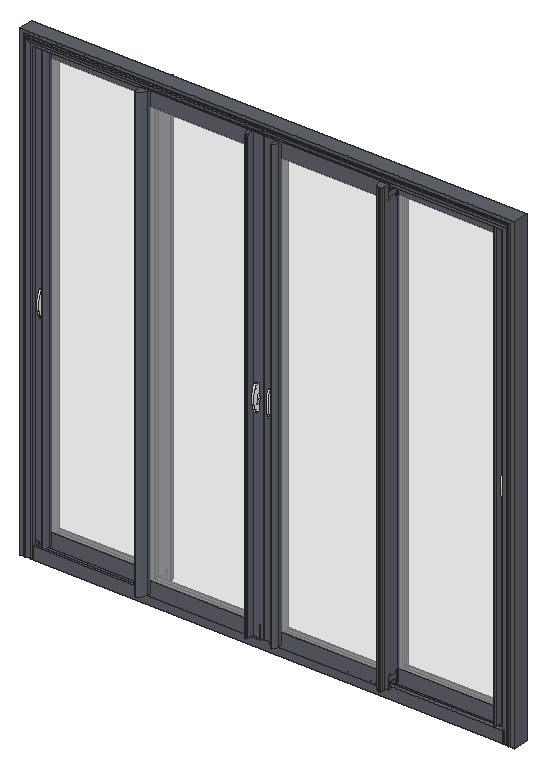
Revit family "Wicslide_65_Glass32_4_leaf_2_track_4_leaf_slide_or_2_inner_slide_2_outer_fixed", category Doors, host Wall, Revit 2014
Parameters
  Youtube clip = ""
  Weight Net (Kg) = 0
  Watertightness = "E900"
  Uniclass2 = "Ss-25-30-95-28"
  Uniclass 2015 Name = ""
  Uniclass 2015 Code = ""
  Uniclass 2.0 Description = ""
  Uniclass 2.0 Code = ""
  Uniclass 1.4 Description = ""
  Uniclass 1.4 Code = ""
  URL = "http://www.wicona.com"
  UNSPSC Code = ""
  Technical description = ""
  Sash meeting 3041252 = yes
  Sash meeting 3041251 = no
  Sash meeting 3041250 = not(or(Sash meeting 3041251, Sash meeting 3041252))  # no
  Sash 1041273 = yes
  Thermal (2-leaf frame) = "Uw < 1.5 W/m².K (with Ug = 1.0)"
  Sash 1041272 = no
  Sash 1041271 = no
  Sash 1041270 = not(or(Sash 1041271, Sash 1041272, Sash 1041273))  # no
  Repeated Opening/Closing = "Class 3 (20,000 Cycles)"
  Region South America = "None"
  Region Oceania = "None"
  Region North America = "None"
  Region Middle East = "None"
  Region Europe = "AD, AL, AT, AX, BA, BE, BG, BY, CH, CS, CY, CZ, DE, DK, EE, ES, FI, FO, FR, GB, GG, GI, GR, HR, HU, IE, IM, IS, IT, JE, LI, LT, LU, LV, MC, MD, ME, MK, MT, NL, NO, PL, PT, RO, RS, RU, SE, SI, SJ, SK, SM, UA, VA, XK"
  Region Asia = "None"
  Region Antarctica = "None"
  Region Africa = "None"
  Quality Assurance = "Certified according to ISO 9001:2008"
  QR code = "http://bimobject.com/wicona/product/WICSLIDE_65_W"
  Product group = ""
  Product family = ""
  Product data url = "http://bimobject.com/wicona/product/WICSLIDE_65_W"
  Product certification = ""
  Product SKU = "WICSLIDE_65_W"
  Product Guid = "74bd8be9-202c-4542-9c4e-775a99e34c85"
  Operation = "IFC_DOORSLIDING"
  Operating Forces = "Class 1"
  OmniClass Description = ""
  OmniClass Code = ""
  Nominal width = 220000
  Nominal height = 210000
  NBS Reference Description = ""
  NBS Reference Code = ""
  Model = "Wicslide 65"
  Mechanical Strength = "Class 4"
  Maximum Sash Weight = "160kg as standard design, heavier weights can easily be customised"
  Material secondary = ""
  Material main = ""
  Manufacturer name = "Wicona"
  Manufacturer country = "Germany"
  Manufacturer = "Wicona"
  Load Bearing Capacity of Safety Devices = "Fulfilled"
  Leaf Width = 56 mm + Glass Width + 17 mm  # 520.25 mm
  Leaf Material = WICONA - Aluminium - RAL7016 - Anthracite Grey - Matt
  Leaf Height All = Height - Frame Width 2 - Bottom Offset  # 2006 mm
  Leaf Connect = 6.2 mm  # constant formula
  Leaf 4 Width = 17 mm + Glass Width + 56 mm  # 520.25 mm
  Leaf 3 Width = 17 mm + Glass Width + 56 mm  # 520.25 mm
  Leaf 2 Width = 17 mm + Glass Width + 56 mm  # 520.25 mm
  Keynote = "L10/330"
  Installation instructions = ""
  IFC Classification = ""
  Handle Material = Aluminium
  Glass Width = Frame all / 4  # 447.25 mm
  Glass Material = WICONA -  Glass
  Function = Interior
  Frame all = Width - ((56 mm * 4) + (17 mm * 4) + (Frame Width 2 * 2)) - 24 mm  # 1789 mm
  Frame Width 3 = Frame Width - 34.5 mm  # 32.5 mm
  Frame Width 2 = if(Frame 1041226, 47.5 mm, if(Frame 1041231, 54.5 mm, 54.5 mm))  # 47.5 mm
  Frame Width = 67 mm
  Height = 2100 mm
  Wall Closure = By host
  Width = 2200 mm
  Frame Material = WICONA - Aluminium - RAL7016 - Anthracite Grey - Matt
  Frame Depth = 65 mm
  Frame 1041226 = yes
  Frame 1041231 = not(or(Frame 1041226))  # no
  Edition number = 1
  EN1627 Burglar Resistance = "RC1N, RC2N, RC2, RC3, SBD"
  EAN code = ""
  Door Offset = 60 mm
  Door 1 connect = Leaf 3 Width + Frame Width 2  # 567.75 mm
  Door 2 connect = Leaf 3 Width * 2 + Frame Width 2 + 24 mm  # 1112 mm
  Design country = "Germany"
  Description = "With  its  various  designs  of  outer  and  opening  frames, multiple  leaf  combinations  (from  2  to  6  leaves)  and  its  comprehensive range of dual colour solutions, the Wicslide 65 brings greater freedom to building design. Designed  to  meet  market  demands,  Wicslide  65  sliding doors are perfectly suited for disabled access."
  Date of publishing = "3/14/2015"
  Corrosion Resistance of the Fittings = "Class 5"
  COBIe Type Category = ""
  Bottom Offset = if(Frame Bottom 1041226, 46.5 mm, 39.5 mm)  # 46.5 mm
  Frame Bottom 1041232 = no
  Frame Bottom 1041226 = yes
  Frame Bottom 1041231 = not(or(Frame Bottom 1041232, Frame Bottom 1041226))  # no
  BIMobject category = ""
  Analytic Construction = "<None>"
  Air Permeability = "Class 4"
  Acoustic = "RA,tr = 35 dB"
Reference planes
  plane 1: y = 0
  plane 2 "Center (Left/Right)": x = 0
  plane 3 "Left": x = -1100
  plane 4 "Right": x = 1100
  plane 5: z = 2100
  plane 6 "Exterior": y = 75
  plane 7 "Interior": y = -75
  plane 8 "base line": y = 15
  plane 9: y = -50
  plane 10: x = -1052.5
  plane 11: z = 2052.5
  plane 12: x = 1052.5
  plane 13: x = 12
  plane 14: y = 1081.9
  plane 15: x = -1053.5
  plane 16: x = 1053.5
  plane 17: y = -44
  plane 18: y = 9
  plane 19: z = 2051.035
  plane 20: x = -532.25
  plane 21: x = 484.75
Forms (mm)
  Sweep 1, solid, material "WICONA - Aluminium - RAL7016 - Anthracite Grey - Matt" <- "Frame Material", visible <- "Frame 1041231"
    path origin (0, 15, 0) x (-1, 0, 0) y (0, 0, 1)
      loop
        line (1100, 0) -> (1100, 2100) -> (-1100, 2100) -> (-1100, 0)
    profile "Frame_1041231_profil : Frame_1041231_profil" origin (-1100, 15, 1050) x (1, 0, 0) y (0, 1, 0)
      loop
        line (0, 0.014) -> (0, -64.986) -> (47.501, -64.986) -> (47.501, -52.986) -> (28.03, -52.986) -> (28.03, -11.986) -> (47.501, -11.986) -> (47.501, 0.014) -> (0, 0.014)
  Sweep 2, solid, material "WICONA - Aluminium - RAL7016 - Anthracite Grey - Matt" <- "Frame Material", visible <- "Frame Bottom 1041231"
    path origin (0, 15, 0) x (-1, 0, 0) y (0, 0, 1)
      loop
        line (1053.5, 0) -> (-1053.5, 0)
    profile origin (0, 15, 0) x (0, 0, -1) y (0, 1, 0)
      loop
        line (0, 0) -> (-47.501, 0) -> (-47.501, -11.986) -> (-28.03, -11.986) -> (-28.03, -52.986) -> (-47.501, -52.986) -> (-47.501, -65) -> (0, -65) -> (0, 0)
  Sweep 3, solid, material "WICONA - Aluminium - RAL7016 - Anthracite Grey - Matt" <- "Frame Material", visible <- "Frame Bottom 1041226"
    path origin (0, 15, 0) x (-1, 0, 0) y (0, 0, 1)
      loop
        line (1053.5, 0) -> (-1053.5, 0)
    profile origin (0, 15, 0) x (0, 0, -1) y (0, 1, 0)
      loop
        line (-41.095, 0) -> (-54.504, 0) -> (-54.504, -11.986) -> (-35.067, -11.986) -> (-35.067, -52.986) -> (-54.504, -52.986) -> (-54.504, -65) -> (0, -65) -> (0, 0) -> (-16, 0) -> (-16, -5.069) -> (-17.931, -7) -> (-22.706, -7) -> (-22.706, 2) -> (-28.468, 2) -> (-41.095, 0)
  Sweep 4, solid, material "WICONA - Aluminium - RAL7016 - Anthracite Grey - Matt" <- "Frame Material", visible <- "Frame Bottom 1041232"
    path origin (0, 15, 0) x (-1, 0, 0) y (0, 0, 1)
      loop
        line (1053.5, 0) -> (-1053.5, 0)
    profile origin (0, 15, 0) x (0, 0, -1) y (0, 1, 0)
      loop
        line (0, 0) -> (-47.552, 0) -> (-47.552, -12) -> (-28.081, -12) -> (-28.081, -52.986) -> (-47.552, -52.986) -> (-47.552, -65.034) -> (-18.521, -65.034) -> (-18.521, -78.74)
        arc (-18.521, -78.74) -> (-25.376, -83.227) -> (-33.01, -86.2) r 39.405
        line (-33.01, -86.2) -> (-46.2, -86.2) -> (-46.2, -85) -> (-47.5, -85) -> (-47.5, -88) -> (-32.284, -88)
        arc (-32.284, -88) -> (-23.829, -84.402) -> (-16.3, -79.134) r 44.207
        line (-16.3, -79.134) -> (-16.3, -65) -> (0, -65) -> (0, 0)
  Sweep 5, solid, material "WICONA - Aluminium - RAL7016 - Anthracite Grey - Matt" <- "Frame Material", visible <- "Frame 1041226"
    path origin (0, 15, 0) x (-1, 0, 0) y (0, 0, 1)
      loop
        line (1100, 0) -> (1100, 2100) -> (-1100, 2100) -> (-1100, 0)
    profile origin (-1100, 15, 1050) x (1, 0, 0) y (0, 1, 0)
      loop
        line (54.5, -65) -> (54.5, -53) -> (35.067, -53) -> (35.067, -12) -> (54.5, -12) -> (54.5, 0) -> (0, 0) -> (0, -65) -> (16, -65) -> (16, -59.931) -> (17.931, -58) -> (22.706, -58) -> (22.706, -67) -> (28.468, -67) -> (41.095, -65) -> (54.5, -65)
Lines and regions (mm)
  Opening 1
    outline origin (-3050, -75, 0) x (1, 0, 0) y (0, 0, 1)
      loop
        line (1950, 0) -> (4150, 0) -> (4150, 2100) -> (1950, 2100) -> (1950, 0)
  model lines
    curve 1: line (0, -47.728, -46.926) -> (0, -47.728, -43.389)
  symbolic lines, style "Elevation Swing"
    curve 2: line (153.788, -75, 1193.851) -> (433.788, -75, 1193.851)
    curve 3: line (153.788, -75, 1193.851) -> (213.892, -75, 1253.955)
    curve 4: line (153.788, -75, 1193.851) -> (213.892, -75, 1133.747)
    curve 14: line (-129.788, -75, 1193.851) -> (-409.788, -75, 1193.851)
    curve 15: line (-129.788, -75, 1193.851) -> (-189.892, -75, 1253.955)
    curve 16: line (-129.788, -75, 1193.851) -> (-189.892, -75, 1133.747)
    curve 17: line (-906.212, -75, 1193.851) -> (-626.212, -75, 1193.851)
    curve 18: line (-906.212, -75, 1193.851) -> (-846.108, -75, 1253.955)
    curve 19: line (-906.212, -75, 1193.851) -> (-846.108, -75, 1133.747)
    curve 20: line (930.212, -75, 1193.851) -> (650.212, -75, 1193.851)
    curve 21: line (930.212, -75, 1193.851) -> (870.108, -75, 1253.955)
    curve 22: line (930.212, -75, 1193.851) -> (870.108, -75, 1133.747)
  symbolic lines, style "Plan Swing", detail levels coarse
    curve 5: line (-1052.5, -75, 0) -> (-1100, -75, 0)
    curve 6: line (1052.5, 75, 0) -> (1052.5, -75, 0)
    curve 7: line (-1052.5, 75, 0) -> (-1052.5, -75, 0)
    curve 8: line (-1052.5, 75, 0) -> (-1100, 75, 0)
    curve 9: line (1100, 75, 0) -> (1052.5, 75, 0)
    curve 10: line (1100, -75, 0) -> (1052.5, -75, 0)
  symbolic lines, style "Elevation Swing", not visible
    curve 11: line (153.788, -75, 1243.851) -> (433.788, -75, 1243.851)
    curve 12: line (153.788, -75, 1243.851) -> (213.892, -75, 1303.955)
    curve 13: line (153.788, -75, 1243.851) -> (213.892, -75, 1183.747)
Text (mm)
  text "Exterior" at (-2295.016, 1099.543, 0), in view "Ref. Level"
  text "Exterior" at (0, 1615.38, 3698.081), in view "Left"
  text "Exterior" at (0, 1036.032, 3874.932), in view "Right"
Dimensions and locks
  equal spacing: plane 3 "Left", plane 2 "Center (Left/Right)", plane 4 "Right"
  "Width": plane 3 "Left" to plane 4 "Right"
  "Height": plane 5 to host wall
  host wall to plane 5 = 2100 mm  (x2)
  locked: plane 6 "Exterior" to host wall at 0
  locked: plane 7 "Interior" to host wall
  "Door Offset": host wall to plane 8 "base line"
  "Frame Depth": plane 8 "base line" to plane 9
  "Frame Width 2": plane 3 "Left" to plane 10
  "Frame Width 2": plane 11 to plane 5
  "Frame Width 2": plane 12 to plane 4 "Right"
  "Bottom Offset": plane 3 "Left" to plane 15
  "Bottom Offset": plane 16 to plane 4 "Right"
  locked: plane 8 "base line" to plane 18 at 6
  locked: plane 9 to plane 17 at 6
  locked: plane 11 to plane 19 at 1.465
  "Door 2 connect": plane 3 "Left" to plane 13
  "Door 1 connect": plane 3 "Left" to plane 20
  "Door 1 connect": plane 21 to plane 12
  aligned and locked: plane 3 "Left" to Opening 1 sketch curve
  aligned and locked: plane 5 to Opening 1 sketch curve  (x2)
  aligned and locked: Opening 1 sketch curve to plane 4 "Right"
  aligned and locked: Opening 1 sketch curve to level
  aligned and locked: plane 1 to host wall
  aligned and locked: Sweep 1 sketch curve to plane 3 "Left"
  aligned and locked: plane 5 to Sweep 1 sketch curve
  aligned and locked: plane 4 "Right" to Sweep 1 sketch curve
  aligned and locked: nested 1 to plane 8 "base line"
  aligned and locked: nested 1 to plane 3 "Left"
  aligned and locked: nested 2 to plane 4 "Right"
  aligned and locked: plane 8 "base line" to nested 2
  aligned and locked: plane 9 to nested 3
  aligned and locked: level to nested 3
  aligned and locked: nested 4 to level
  aligned and locked: nested 4 to plane 9
  aligned and locked: level to nested 5
  aligned and locked: plane 9 to nested 5
  aligned and locked: plane 16 to Sweep 3 sketch curve
  aligned and locked: plane 15 to Sweep 3 sketch curve
  aligned and locked: plane 15 to Sweep 4 sketch curve
  aligned and locked: plane 16 to Sweep 4 sketch curve
  aligned and locked: plane 15 to Sweep 2 sketch curve
  aligned and locked: plane 16 to Sweep 2 sketch curve
  aligned and locked: plane 5 to nested 6
  aligned and locked: nested 7 to plane 4 "Right"
  aligned and locked: plane 8 "base line" to nested 7
  aligned and locked: nested 8 to plane 8 "base line"
  aligned and locked: nested 8 to plane 3 "Left"
  aligned and locked: plane 5 to nested 9
  aligned and locked: plane 9 to nested 9
  aligned and locked: plane 7 "Interior" to curve 7
  aligned and locked: plane 6 "Exterior" to curve 7
  aligned and locked: curve 7 to plane 10
  aligned and locked: plane 3 "Left" to curve 8
  aligned and locked: plane 10 to curve 8
  aligned and locked: curve 8 to plane 6 "Exterior"
  aligned and locked: plane 3 "Left" to curve 5
  aligned and locked: curve 5 to plane 7 "Interior"
  aligned and locked: plane 7 "Interior" to curve 6
  aligned and locked: plane 6 "Exterior" to curve 6
  aligned and locked: curve 6 to plane 12
  aligned and locked: plane 4 "Right" to curve 10
  aligned and locked: plane 12 to curve 10
  aligned and locked: curve 10 to plane 7 "Interior"
  aligned and locked: plane 4 "Right" to curve 9
  aligned and locked: curve 9 to plane 6 "Exterior"
  aligned and locked: plane 10 to nested 10
  aligned and locked: nested 10 to plane 18
  aligned and locked: nested 11 to plane 17
  aligned and locked: plane 12 to nested 11
  aligned and locked: nested 6 to plane 9
  aligned and locked: plane 10 to nested 12
  aligned and locked: plane 20 to nested 12
  aligned and locked: plane 20 to nested 13
  aligned and locked: plane 13 to nested 13
  aligned and locked: plane 13 to nested 14
  aligned and locked: plane 12 to nested 15
  aligned and locked: plane 21 to nested 14
  aligned and locked: plane 21 to nested 15
  aligned and locked: nested 12 to plane 18
  aligned and locked: nested 15 to plane 18
  aligned and locked: plane 10 to nested 16
  aligned and locked: nested 16 to plane 18
  aligned and locked: plane 19 to nested 17
  aligned and locked: plane 20 to nested 17
  aligned and locked: nested 17 to nested 13
  aligned and locked: plane 13 to nested 18
  aligned and locked: nested 18 to plane 19
  aligned and locked: nested 18 to nested 14
  aligned and locked: plane 12 to nested 19
  aligned and locked: plane 18 to nested 19
  aligned and locked: nested 16 to plane 19
Automatic sketch dimensions
  Sweep 1 sketch curve to level = 0 mm  (x2)
  Sweep 3 sketch curve to level = 0 mm
  plane 9 to curve 1 = 2.272 mm
  curve 1 to level = 46.926 mm
  curve 1 to curve 1 = 3.537 mm
  Sweep 2 sketch curve to level = 0 mm
  Sweep 4 sketch curve to level = 0 mm
  plane 4 "Right" to Sweep 5 sketch curve = 0 mm
  plane 3 "Left" to Sweep 5 sketch curve = 0 mm
  Sweep 5 sketch curve to level = 0 mm  (x2)
  Sweep 5 sketch curve to plane 5 = 0 mm
  Sweep 3 sketch curve to plane 8 "base line" = 0 mm  (x2)
  Sweep 3 sketch curve to profile plane = 0 mm
  Sweep 3 sketch curve to plane 8 "base line" = 5.069 mm
  profile plane to Sweep 3 sketch curve = 16 mm
  Sweep 3 sketch curve to plane 8 "base line" = 7 mm
  Sweep 3 sketch curve to Sweep 3 sketch curve = 1.931 mm
  plane 8 "base line" to Sweep 3 sketch curve = 2 mm
  Sweep 3 sketch curve to Sweep 3 sketch curve = 6.706 mm
  Sweep 3 sketch curve to Sweep 3 sketch curve = 5.762 mm
  Sweep 3 sketch curve to Sweep 3 sketch curve = 12.361 mm
  Sweep 3 sketch curve to Sweep 3 sketch curve = 12.628 mm
  Sweep 3 sketch curve to Sweep 3 sketch curve = 19.437 mm
  Sweep 3 sketch curve to Sweep 3 sketch curve = 13.408 mm
  Sweep 3 sketch curve to plane 8 "base line" = 11.986 mm
  Sweep 3 sketch curve to Sweep 3 sketch curve = 41 mm
  Sweep 3 sketch curve to Sweep 3 sketch curve = 12.014 mm
  Sweep 2 sketch curve to plane 8 "base line" = 0 mm
  profile plane to Sweep 2 sketch curve = 47.501 mm
  Sweep 2 sketch curve to Sweep 2 sketch curve = 0 mm
  Sweep 2 sketch curve to Sweep 2 sketch curve = 19.471 mm
  Sweep 2 sketch curve to profile plane = 0 mm
  Sweep 2 sketch curve to plane 8 "base line" = 11.986 mm
  Sweep 2 sketch curve to Sweep 2 sketch curve = 41 mm
  Sweep 2 sketch curve to Sweep 2 sketch curve = 12.014 mm
  Sweep 5 sketch curve to plane 8 "base line" = 0 mm
  Sweep 5 sketch curve to profile plane = 0 mm
  Sweep 5 sketch curve to profile plane = 16 mm
  Sweep 5 sketch curve to Sweep 5 sketch curve = 1.931 mm  (x2)
  Sweep 5 sketch curve to Sweep 5 sketch curve = 6.706 mm
  Sweep 5 sketch curve to Sweep 5 sketch curve = 5.762 mm
  Sweep 5 sketch curve to plane 8 "base line" = 12 mm
  Sweep 5 sketch curve to profile plane = 35.067 mm
  Sweep 5 sketch curve to Sweep 5 sketch curve = 19.433 mm  (x2)
  Sweep 5 sketch curve to Sweep 5 sketch curve = 41 mm
  Sweep 5 sketch curve to Sweep 5 sketch curve = 5 mm
  Sweep 5 sketch curve to Sweep 5 sketch curve = 5.069 mm
  Sweep 5 sketch curve to Sweep 5 sketch curve = 2 mm
  Sweep 5 sketch curve to Sweep 5 sketch curve = 12.628 mm
  Sweep 5 sketch curve to Sweep 5 sketch curve = 12 mm
  Sweep 4 sketch curve to plane 8 "base line" = 0 mm
  Sweep 4 sketch curve to profile plane = 0 mm
  profile plane to Sweep 4 sketch curve = 16.3 mm
  Sweep 4 sketch curve to Sweep 4 sketch curve = 2.221 mm
  Sweep 4 sketch curve to plane 8 "base line" = 12 mm
  Sweep 4 sketch curve to Sweep 4 sketch curve = 13.763 mm
  Sweep 4 sketch curve to Sweep 4 sketch curve = 15.333 mm
  Sweep 4 sketch curve to Sweep 4 sketch curve = 1.858 mm
  Sweep 4 sketch curve to Sweep 4 sketch curve = 13.916 mm
  Sweep 4 sketch curve to Sweep 4 sketch curve = 1.3 mm
  Sweep 4 sketch curve to Sweep 4 sketch curve = 4.138 mm
  Sweep 4 sketch curve to Sweep 4 sketch curve = 19.471 mm
  Sweep 4 sketch curve to Sweep 4 sketch curve = 33.744 mm
  Sweep 4 sketch curve to Sweep 4 sketch curve = 2.45 mm
  Sweep 4 sketch curve to Sweep 4 sketch curve = 4.793 mm
  Sweep 4 sketch curve to Sweep 4 sketch curve = 12.014 mm
  Sweep 4 sketch curve to Sweep 4 sketch curve = 12.048 mm
  Sweep 4 sketch curve to Sweep 4 sketch curve = 14.134 mm
  Sweep 4 sketch curve to Sweep 4 sketch curve = 3 mm
  Sweep 4 sketch curve to Sweep 4 sketch curve = 1.2 mm
  Sweep 4 sketch curve to Sweep 4 sketch curve = 0.726 mm
  Sweep 4 sketch curve to Sweep 4 sketch curve = 0.394 mm
Nested families
  nested 1: "Frame_1041231" at (-1100, 15, 0), visible <- "Frame 1041231", type "Frame_1041231"
  nested 2: "Frame_1041231" at (1100, 15, 0) x (-1, 0, 0) z (0, 0, 1), visible <- "Frame 1041231", type "Frame_1041231"
  nested 3: "Frame_1041226" at (0, -50, 0) x (0, 0, 1) z (1, 0, 0), type "Frame_1041226"
  nested 4: "Frame_Bottom_1041232" at (0, 15, 0) x (0, 0, 1) z (1, 0, 0), visible <- "Frame Bottom 1041232", built-in parameter 1006206 <- "Frame Bottom 1041232", type "Frame_Bottom_1041232"
  nested 5: "Frame_1041231" at (0, -50, 0) x (0, 0, 1) z (1, 0, 0), visible <- "Frame Bottom 1041231", type "Frame_1041231"
  nested 6: "Frame_1041231" at (0, 15, 2100) x (0, 0, -1) z (1, 0, 0), type "Frame_1041231"
  nested 7: "Frame_1041226" at (1100, 15, 0) x (-1, 0, 0) z (0, 0, 1), visible <- "Frame 1041226", type "Frame_1041226"
  nested 8: "Frame_1041226" at (-1100, 15, 0), visible <- "Frame 1041226", type "Frame_1041226"
  nested 9: "Frame_1041226" at (0, 15, 2100) x (0, 0, -1) z (1, 0, 0), visible <- "Frame 1041226", type "Frame_1041226"
  nested 10: "Seal" at (-1052.5, 9, 0), type "Seal"
  nested 11: "Seal" at (1052.5, -44, 0) x (-1, 0, 0) z (0, 0, 1), type "Seal"
  nested 12: "sliding door_coarse" at (-1052.5, 9, 0), type "52"
    with built-in parameter 1001306 1.7069 (stored number, unit not read)
  nested 13: "sliding door_coarse" at (-532.25, -44, 0), type "52"
    with built-in parameter 1001306 1.7856 (stored number, unit not read)
  nested 14: "sliding door_coarse" at (12, -44, 0), type "52"
    with built-in parameter 1001306 1.551 (stored number, unit not read)
  nested 15: "sliding door_coarse" at (484.75, 9, 0), type "52"
    with built-in parameter 1001306 1.8627 (stored number, unit not read)
  nested 16: "Leaf_Wicslide_65_G32_meet_connect_in_handle_left" at (-1050.984, 9, 50.305), type "Leaf_Wicslide_65_G32_meet_connect_in_handle_left"
  nested 17: "Leaf_Wicslide_65_G32_2_leaf_2_track_both_sliding_or_1_fixed_1slide_mirror" at (-12, -44, 50.305) x (-1, 0, 0) z (0, 0, 1), type "Leaf_Wicslide_65_G32_2_leaf_2_track_both_sliding_or_1_fixed_1slide_mirror"
  nested 18: "Leaf_Wicslide_65_G32_2_leaf_2_track_both_sliding_or_1_fixed_1slide" at (12, -44, 50.305), type "Leaf_Wicslide_65_G32_2_leaf_2_track_both_sliding_or_1_fixed_1slide"
  nested 19: "Leaf_Wicslide_65_G32_2_leaf_2_track_both_sliding_or_1_fixed_1slide_right" at (1050.984, 9, 50.305) x (-1, 0, 0) z (0, 0, 1), type "Leaf_Wicslide_65_G32_2_leaf_2_track_both_sliding_or_1_fixed_1slide_right"
Definition of nested family "Leaf_Wicslide_65_G32_meet_connect_in_handle_left"
  Parameters (values of type "Leaf_Wicslide_65_G32_meet_connect_in_handle_left")
    Sash meeting 3041252 = yes
    Sash meeting 3041250 = no
    Sash meeting 3041251 = no
    Sash 1041273 = no
    Sash 1041270 = no
    Sash 1041271 = yes
    Sash 1041272 = no
    Profil Bottom = 4 mm
    Handle Distance = if(Sash 1041270, 22 mm, if(Sash 1041271, 45 mm, if(Sash 1041272, 42 mm, 22 mm)))  # 45 mm
    Leaf Width = 896 mm
    Leaf Material = Aluminium
    Leaf Height = 1927.194 mm
    Handle Material = Aluminium
    Handle Height = 850 mm  # constant formula
    Glass Width = 32 mm
    Glass Offset 2 = 7 mm  # constant formula
    Glass Offset = 46.1 mm  # constant formula
    Glass Material = WICONA -  Glass
    Glas Offset Bottom = 46.6 mm
    Frame Material = Aluminium
    16 = 16 mm
  Reference planes
    plane 1 "Center (Front/Back)": y = 0
    plane 2: z = 0
    plane 3 "Center (Left/Right)": x = 0
    plane 4: x = 896
    plane 5: z = 1927.194
    plane 6: x = 46.1
    plane 7: x = 889
    plane 8: z = 1880.594
    plane 9: z = 46.6
    plane 10: z = 896.6
    plane 11: x = 58.1
    plane 12: y = -16
    plane 13: y = 16
    plane 14: x = -3.312
    plane 15: x = 899.312
    plane 16: z = 46.6
    plane 17: y = -45
    plane 18: x = 20
    plane 19: z = 960.237
    plane 20: x = -1.516
    plane 21: y = -21.816
    plane 22: z = -5.306
    plane 23: z = 25
    plane 24: x = 914.975
    plane 25: z = 1937.694
    plane 26: z = 1907.694
    plane 27: z = 4
    plane 28: x = -9.9
  Forms (mm)
    Sweep 1, solid, material "Aluminium" <- "Leaf Material", visible <- "Sash 1041270"
      path origin (-1.381, 0, 34.551) x (1, 0, 0) y (0, 0, 1)
        loop
          line (0, -30.551) -> (0, 1897.873)
      profile origin (-1.381, 0, 968.212) x (-1, 0, 0) y (0, -1, 0)
        loop
          line (-59.481, -22) -> (8.519, -22) -> (8.519, -16.6) -> (-10.369, -16.6) -> (-10.369, 16.6) -> (8.519, 16.6) -> (8.519, 22) -> (-59.395, 22) -> (-59.395, 16) -> (-47.481, 16) -> (-47.481, -16) -> (-59.481, -16) -> (-59.481, -22)
    Extrusion 2, solid, material "WICONA -  Glass" <- "Glass Material", detail levels medium+fine
      sketch origin (-214.248, -550.766, -473.088) x (1, 0, 0) y (0, 0, 1)
        loop
          line (260.348, 2353.682) -> (260.348, 519.688) -> (1103.248, 519.688) -> (1103.248, 2353.682) -> (260.348, 2353.682)
      from -566.766 to -534.766
    Sweep 3, solid, material "Aluminium" <- "Leaf Material"
      path origin (0, 0, 0) x (1, 0, 0) y (0, 0, 1)
        loop
          line (8.988, 0) -> (914.975, 0)
      profile origin (461.982, 0, 0) x (0, 0, 1) y (0, -1, 0)
        loop
          line (-5.306, -20.1) -> (58.694, -20.1) -> (58.694, -16) -> (46.634, -16) -> (46.634, 16) -> (58.694, 16) -> (58.694, 20.1) -> (-5.306, 20.1) -> (-5.306, 16.6) -> (5.236, 16.6) -> (5.236, 18.5) -> (25.914, 18.5) -> (25.914, -18.502) -> (5.236, -18.502) -> (5.236, -16.602) -> (-5.306, -16.602) -> (-5.306, -20.1)
    Sweep 4, solid, material "Aluminium" <- "Leaf Material", visible <- "Sash meeting 3041250"
      path origin (0, 0, 0) x (1, 0, 0) y (0, 0, 1)
        loop
          line (896, 1932.424) -> (896, 4)
      profile origin (896, 0, 968.212) x (0, -1, 0) y (1, 0, 0)
        loop
          line (-22, -19.112) -> (-16, -19.112) -> (-16, -7.023) -> (16, -7.023) -> (16, -19.112) -> (22.3, -19.112) -> (22.3, 0) -> (25.992, 0) -> (25.992, 18.975) -> (-22, 18.975) -> (-22, -19.112)
    Sweep 5, solid, material "Aluminium" <- "Leaf Material", visible <- "Sash 1041273"
      path origin (0, 0, 0) x (1, 0, 0) y (0, 0, 1)
        loop
          line (0, 4) -> (0, 1932.424)
      profile origin (0, 0, 968.212) x (-1, 0, 0) y (0, -1, 0)
        loop
          line (9.9, -22) -> (9.9, -16.517) -> (-12.05, -16.517) -> (-12.05, 16.671) -> (9.9, 16.671) -> (9.9, 22) -> (-41.1, 22) -> (-41.1, 47) -> (-42.787, 54.915) -> (-43.872, 56) -> (-47.182, 56)
          arc (-47.182, 56) -> (-54.565, 44.34) -> (-58.1, 31) r 45.352
          line (-58.1, 31) -> (-58.1, -22) -> (9.9, -22)
    Sweep 6, solid, material "Aluminium" <- "Leaf Material", visible <- "Sash 1041272"
      path origin (0, 0, 0) x (1, 0, 0) y (0, 0, 1)
        loop
          line (0, 4) -> (0, 1932.424)
      profile origin (0, 0, 968.212) x (-1, 0, 0) y (0, -1, 0)
        loop
          line (-58.1, -22) -> (9.9, -22) -> (9.9, -16) -> (-8.988, -16) -> (-8.988, 16) -> (9.9, 16) -> (9.9, 22) -> (-6.1, 22) -> (-6.1, 41.999) -> (-58.1, 41.999) -> (-58.1, 16) -> (-46.1, 16) -> (-46.1, -16) -> (-58.1, -16) -> (-58.1, -22)
    Sweep 7, solid, material "Aluminium" <- "Leaf Material", visible <- "Sash 1041271"
      path origin (0, 0, 0) x (1, 0, 0) y (0, 0, 1)
        loop
          line (0, 4) -> (0, 1932.424)
      profile origin (0, 0, 968.212) x (-1, 0, 0) y (0, -1, 0)
        loop
          line (9.9, -22) -> (9.9, -16.6) -> (-8.988, -16.6) -> (-8.988, 16.6) -> (9.9, 16.6) -> (9.9, 45) -> (-58.1, 45) -> (-58.1, 16) -> (-46.136, 16) -> (-46.136, -16) -> (-58.1, -16) -> (-58.1, -22) -> (9.9, -22)
    Sweep 8, solid, material "Aluminium" <- "Leaf Material", visible <- "Sash meeting 3041252"
      path origin (0, 0, 0) x (1, 0, 0) y (0, 0, 1)
        loop
          line (896, 4) -> (896, 1932.424)
      profile origin (896, 0, 968.212) x (-1, 0, 0) y (0, -1, 0)
        loop
          line (0, 25.992) -> (-18.975, 25.992) -> (-18.975, -41.747) -> (-17.979, -49.857) -> (-14.994, -60.998) -> (-13.135, -62) -> (-7.45, -62)
          arc (-7.45, -62) -> (9.037, -49.24) -> (19.026, -30.94) r 50.906
          line (19.026, -30.94) -> (19.026, -16) -> (7, -16) -> (7, 16.183) -> (19.026, 16.183) -> (19.026, 22.3) -> (0, 22.3) -> (0, 25.992)
    Sweep 9, solid, material "Aluminium" <- "Leaf Material", visible <- "Sash meeting 3041251"
      path origin (0, 0, 0) x (1, 0, 0) y (0, 0, 1)
        loop
          line (896, 4) -> (896, 1932.424)
      profile origin (896, 0, 968.212) x (-1, 0, 0) y (0, -1, 0)
        loop
          line (0, 25.992) -> (-18.975, 25.992) -> (-18.975, -57) -> (19.026, -57) -> (19.026, -16) -> (7.023, -16) -> (7.023, 16) -> (19.026, 16) -> (19.026, 22.3) -> (0, 22.3) -> (0, 25.992)
    Sweep 10, solid, material "Aluminium" <- "Leaf Material"
      path origin (0, 0, 5.236) x (1, 0, 0) y (0, 0, 1)
        loop
          line (12.05, 1927.194) -> (914.975, 1927.194)
      profile origin (463.512, 0, 1932.43) x (0, 0, 1) y (0, -1, 0)
        loop
          line (-0.006, 20.1) -> (-64.007, 20.1) -> (-64.007, 16) -> (-51.87, 16) -> (-51.87, -16) -> (-64.006, -16) -> (-64.006, -20.1) -> (-0.005, -20.1) -> (-0.005, -16.6) -> (-10.505, -16.6) -> (-10.505, -18.5) -> (-31.192, -18.5) -> (-31.192, 18.502) -> (-10.506, 18.502) -> (-10.506, 16.602) -> (-0.006, 16.602) -> (-0.006, 20.1)
    Extrusion 11, void
      sketch origin (0, 0, 0) x (1, 0, 0) y (0, 1, 0)
        loop
          line (889, 16) -> (889, -16) -> (925.276, -16) -> (925.276, 16) -> (889, 16)
      from -5.306 to 25
    Extrusion 12, void
      sketch origin (0, 0, 0) x (1, 0, 0) y (0, 1, 0)
        loop
          line (922.34, 16) -> (889, 16) -> (889, -16) -> (922.34, -16) -> (922.34, 16)
      from -5.306 to 25
    Extrusion 13, void
      sketch origin (0, 0, 140) x (1, 0, 0) y (0, 1, 0)
        loop
          line (922.34, 16) -> (889, 16) -> (889, -16) -> (922.34, -16) -> (922.34, 16)
      from 1767.694 to 1797.694
  Cuts and joins
    Extrusion 11, Extrusion 12 cuts Extrusion 2
    Extrusion 11, Extrusion 12 cuts Sweep 3
    Extrusion 11, Extrusion 12, Extrusion 13 cuts Sweep 9
    Extrusion 12, Extrusion 13 cuts Sweep 4
    Extrusion 12, Extrusion 13 cuts Sweep 8
  Lines and regions (mm)
    symbolic lines, style "GenericModel", detail levels medium+fine
      curve 1: line (0, 16, 1880.594) -> (0, 16, 46.6)
      curve 2: line (0, -16, 1880.594) -> (0, -16, 46.6)
      curve 3: line (0, 0, 1880.594) -> (0, 0, 46.6)
  Dimensions and locks
    "Leaf Width": plane 3 "Center (Left/Right)" to plane 4
    "Leaf Height": plane 5 to level
    "Glass Offset": plane 3 "Center (Left/Right)" to plane 6
    "Glass Offset 2": plane 7 to plane 4
    "Glas Offset Bottom": plane 5 to plane 8
    level to plane 10 = 896.6 mm
    "Handle Height": plane 10 to plane 9
    "Glas Offset Bottom": plane 9 to level
    locked: plane 3 "Center (Left/Right)" to plane 14 at 3.312
    locked: plane 15 to plane 4 at 3.312
    locked: plane 3 "Center (Left/Right)" to plane 18 at 20
    "Handle Distance": plane 17 to plane 1 "Center (Front/Back)"
    plane 19 to level = 960.237 mm
    plane 21 to plane 1 "Center (Front/Back)" = 21.816 mm
    plane 23 to level to plane 22 = 25 mm locked, 5.306 mm locked
    locked: plane 4 to plane 24 at 18.975
    plane 25 to plane 5 to plane 26 = 10.5 mm locked, 19.5 mm locked
    "Profil Bottom": plane 27 to level
    "Glass Width": plane 12 to plane 13
    "16": plane 1 "Center (Front/Back)" to plane 13
    locked: nested 5 to plane 3 "Center (Left/Right)" at 9.9
    aligned and locked: level to plane 2
    aligned and locked: plane 9 to plane 16
    aligned and locked: nested 2 to level
    aligned and locked: nested 2 to plane 1 "Center (Front/Back)"
    aligned and locked: Extrusion 2 to plane 6
    aligned and locked: plane 7 to Extrusion 2
    aligned and locked: plane 8 to Extrusion 2
    aligned and locked: Extrusion 2 to plane 9
    aligned and locked: Extrusion 2 to plane 13
    aligned and locked: plane 12 to Extrusion 2
    aligned and locked: plane 17 to nested 7
    aligned and locked: nested 7 to plane 18
    aligned and locked: plane 19 to nested 7
    aligned and locked: plane 1 "Center (Front/Back)" to nested 8
    aligned and locked: Sweep 10 to Sweep 4 sketch curve
    aligned and locked: Sweep 10 to Sweep 9 sketch curve
    aligned and locked: Sweep 10 to Sweep 8 sketch curve
    aligned and locked: Sweep 10 to Sweep 7 sketch curve
    aligned and locked: Sweep 10 to Sweep 6 sketch curve
    aligned and locked: Sweep 10 to Sweep 5 sketch curve
    aligned and locked: Sweep 10 to Sweep 1 sketch curve
    aligned and locked: Sweep 7 to Sweep 3 sketch curve
    aligned and locked: nested 9 to plane 17
    aligned and locked: nested 9 to plane 18
    aligned and locked: plane 23 to cut or joined group of Sweep 9, Extrusion 11, Extrusion 12, Extrusion 13
    aligned and locked: cut or joined group of Sweep 9, Extrusion 11, Extrusion 12, Extrusion 13 to plane 22
    aligned and locked: cut or joined group of Sweep 9, Extrusion 11, Extrusion 12, Extrusion 13 to plane 7
    aligned and locked: plane 27 to Sweep 9 sketch curve
    aligned and locked: plane 27 to Sweep 4 sketch curve
    aligned and locked: plane 27 to Sweep 7 sketch curve
    aligned and locked: plane 27 to Sweep 6 sketch curve
    aligned and locked: plane 27 to Sweep 5 sketch curve
    aligned and locked: plane 27 to Sweep 1 sketch curve
    aligned and locked: plane 27 to Sweep 8 sketch curve
    aligned and locked: nested 10 to plane 8
    aligned and locked: nested 10 to plane 9
    aligned and locked: nested 1 to plane 1 "Center (Front/Back)"
    aligned and locked: plane 3 "Center (Left/Right)" to nested 1
    aligned and locked: nested 3 to plane 3 "Center (Left/Right)"
    aligned and locked: nested 3 to plane 1 "Center (Front/Back)"
    aligned and locked: nested 4 to plane 3 "Center (Left/Right)"
    aligned and locked: nested 4 to plane 1 "Center (Front/Back)"
    aligned and locked: plane 7 to nested 11
    aligned and locked: plane 6 to nested 11
    aligned and locked: plane 12 to nested 11
    aligned and locked: plane 12 to nested 10
    aligned and locked: cut or joined group of Sweep 8, Extrusion 12, Extrusion 13 to plane 7  (x2)
    aligned and locked: cut or joined group of Sweep 8, Extrusion 12, Extrusion 13 to plane 22
    aligned and locked: plane 23 to cut or joined group of Sweep 8, Extrusion 12, Extrusion 13
    aligned and locked: plane 25 to cut or joined group of Sweep 8, Extrusion 12, Extrusion 13
    aligned and locked: cut or joined group of Sweep 8, Extrusion 12, Extrusion 13 to plane 26
    aligned and locked: plane 5 to nested 8
    aligned and locked: nested 14 to plane 4
    aligned and locked: nested 14 to plane 1 "Center (Front/Back)"
    aligned and locked: nested 12 to plane 1 "Center (Front/Back)"
    aligned and locked: nested 12 to plane 4
    aligned and locked: nested 13 to plane 1 "Center (Front/Back)"
    aligned and locked: nested 13 to plane 4
    aligned and locked: nested 5 to plane 1 "Center (Front/Back)"
    aligned and locked: nested 5 to plane 3 "Center (Left/Right)"
    aligned and locked: nested 5 to nested 6
    aligned and locked: nested 6 to plane 1 "Center (Front/Back)"
  Automatic sketch dimensions
    curve 2 to plane 8 = 0 mm
    curve 2 to plane 12 = 0 mm
    curve 3 to plane 1 "Center (Front/Back)" = 0 mm
    curve 1 to plane 9 = 0 mm
    curve 1 to plane 13 = 0 mm
    curve 2 to plane 9 = 0 mm
    curve 3 to plane 9 = 0 mm
    curve 3 to plane 8 = 0 mm
    curve 1 to plane 8 = 0 mm
    plane 20 to Sweep 1 sketch curve = 0.135 mm
    Sweep 1 sketch curve to profile plane = 22 mm
    profile plane to Sweep 1 sketch curve = 59.481 mm
    Sweep 1 sketch curve to Sweep 1 sketch curve = 0.086 mm
    Sweep 1 sketch curve to Sweep 1 sketch curve = 11.914 mm
    profile plane to Sweep 1 sketch curve = 10.369 mm
    Sweep 1 sketch curve to profile plane = 8.519 mm  (x2)
    Sweep 1 sketch curve to Sweep 1 sketch curve = 5.4 mm  (x2)
    Sweep 1 sketch curve to Sweep 1 sketch curve = 6 mm
    profile plane to Sweep 1 sketch curve = 16 mm
    profile plane to Sweep 1 sketch curve = 16.6 mm
    Extrusion 2 sketch curve to plane 6 = 0 mm
    Extrusion 2 sketch curve to plane 7 = 0 mm
    Extrusion 2 sketch curve to plane 9 = 0 mm
    Extrusion 2 sketch curve to plane 8 = 0 mm
    Sweep 3 sketch curve to level = 0 mm
    profile plane to Sweep 3 sketch curve = 5.306 mm  (x2)
    Sweep 3 sketch curve to profile plane = 5.236 mm  (x2)
    Sweep 3 sketch curve to Sweep 3 sketch curve = 20.678 mm
    plane 16 to Sweep 3 sketch curve = 0.034 mm
    plane 16 to Sweep 3 sketch curve = 12.094 mm  (x2)
    Sweep 3 sketch curve to plane 1 "Center (Front/Back)" = 20.1 mm
    Sweep 3 sketch curve to plane 1 "Center (Front/Back)" = 18.502 mm
    Sweep 3 sketch curve to Sweep 3 sketch curve = 3.498 mm
    Sweep 3 sketch curve to Sweep 3 sketch curve = 4.1 mm  (x2)
    plane 1 "Center (Front/Back)" to Sweep 3 sketch curve = 16 mm
    plane 1 "Center (Front/Back)" to Sweep 3 sketch curve = 16.6 mm
    Sweep 3 sketch curve to Sweep 3 sketch curve = 1.9 mm
    Sweep 4 sketch curve to plane 4 = 0 mm
    Sweep 5 sketch curve to plane 3 "Center (Left/Right)" = 0 mm
    profile plane to Sweep 5 sketch curve = 58.1 mm
    Sweep 5 sketch curve to Sweep 5 sketch curve = 10.918 mm
    Sweep 5 sketch curve to Sweep 5 sketch curve = 3.31 mm
    Sweep 5 sketch curve to Sweep 5 sketch curve = 1.085 mm  (x2)
    Sweep 5 sketch curve to Sweep 5 sketch curve = 1.687 mm
    profile plane to Sweep 5 sketch curve = 13.004 mm
    Sweep 5 sketch curve to Sweep 5 sketch curve = 0.954 mm
    Sweep 5 sketch curve to profile plane = 9.9 mm  (x2)
    Sweep 5 sketch curve to plane 1 "Center (Front/Back)" = 22 mm
    Sweep 5 sketch curve to plane 1 "Center (Front/Back)" = 16.517 mm
    plane 1 "Center (Front/Back)" to Sweep 5 sketch curve = 16.671 mm
    Sweep 5 sketch curve to Sweep 5 sketch curve = 5.329 mm
    Sweep 5 sketch curve to Sweep 5 sketch curve = 9.518 mm
    Sweep 5 sketch curve to Sweep 5 sketch curve = 9 mm  (x2)
    Sweep 6 sketch curve to plane 3 "Center (Left/Right)" = 0 mm
    Sweep 6 sketch curve to plane 1 "Center (Front/Back)" = 22 mm
    profile plane to Sweep 6 sketch curve = 58.1 mm
    Sweep 6 sketch curve to Sweep 6 sketch curve = 0 mm
    Sweep 6 sketch curve to Sweep 6 sketch curve = 12 mm
    profile plane to Sweep 6 sketch curve = 8.988 mm
    profile plane to Sweep 6 sketch curve = 6.1 mm
    Sweep 6 sketch curve to profile plane = 9.9 mm  (x2)
    Sweep 6 sketch curve to Sweep 6 sketch curve = 6 mm  (x2)
    Sweep 6 sketch curve to plane 1 "Center (Front/Back)" = 16 mm
    plane 1 "Center (Front/Back)" to Sweep 6 sketch curve = 16 mm  (x2)
    Sweep 6 sketch curve to Sweep 6 sketch curve = 19.999 mm
    Sweep 7 sketch curve to plane 3 "Center (Left/Right)" = 0 mm
    profile plane to Sweep 7 sketch curve = 58.1 mm
    Sweep 7 sketch curve to Sweep 7 sketch curve = 0 mm
    Sweep 7 sketch curve to Sweep 7 sketch curve = 11.964 mm
    profile plane to Sweep 7 sketch curve = 8.988 mm
    Sweep 7 sketch curve to profile plane = 9.9 mm  (x2)
    Sweep 7 sketch curve to plane 1 "Center (Front/Back)" = 22 mm
    Sweep 7 sketch curve to Sweep 7 sketch curve = 5.4 mm
    Sweep 7 sketch curve to Sweep 7 sketch curve = 6 mm
    plane 1 "Center (Front/Back)" to Sweep 7 sketch curve = 16 mm
    plane 1 "Center (Front/Back)" to Sweep 7 sketch curve = 16.6 mm
    Sweep 7 sketch curve to Sweep 7 sketch curve = 28.4 mm
    Sweep 8 sketch curve to plane 4 = 0 mm
    Sweep 9 sketch curve to plane 4 = 0 mm
    plane 5 to Sweep 10 sketch curve = 5.236 mm
    Sweep 10 sketch curve to plane 24 = 0 mm
    plane 18 to Sweep 10 sketch curve = 7.95 mm
    Extrusion 11 sketch curve to plane 7 = 0 mm
    plane 12 to Extrusion 11 sketch curve = 0 mm
    plane 13 to Extrusion 11 sketch curve = 0 mm
    plane 24 to Extrusion 11 sketch curve = 10.301 mm
    Extrusion 12 sketch curve to plane 7 = 0 mm
    plane 12 to Extrusion 12 sketch curve = 0 mm
    plane 13 to Extrusion 12 sketch curve = 0 mm
    plane 24 to Extrusion 12 sketch curve = 7.365 mm
    plane 7 to Extrusion 13 sketch curve = 0 mm
    plane 12 to Extrusion 13 sketch curve = 0 mm
    plane 13 to Extrusion 13 sketch curve = 0 mm
    plane 24 to Extrusion 13 sketch curve = 7.365 mm
    plane 1 "Center (Front/Back)" to Sweep 10 sketch curve = 20.1 mm
    profile plane to Sweep 10 sketch curve = 64.007 mm
    Sweep 10 sketch curve to plane 1 "Center (Front/Back)" = 16 mm
    Sweep 10 sketch curve to Sweep 10 sketch curve = 0.001 mm
    Sweep 10 sketch curve to Sweep 10 sketch curve = 12.136 mm
    Sweep 10 sketch curve to Sweep 10 sketch curve = 20.678 mm
    profile plane to Sweep 10 sketch curve = 10.506 mm
    profile plane to Sweep 10 sketch curve = 10.505 mm
    profile plane to Sweep 10 sketch curve = 0.006 mm
    profile plane to Sweep 10 sketch curve = 0.005 mm
    Sweep 10 sketch curve to plane 1 "Center (Front/Back)" = 16.6 mm
    Sweep 10 sketch curve to Sweep 10 sketch curve = 1.9 mm
    Sweep 10 sketch curve to Sweep 10 sketch curve = 4.1 mm  (x2)
    Sweep 10 sketch curve to Sweep 10 sketch curve = 3.498 mm
    plane 1 "Center (Front/Back)" to Sweep 10 sketch curve = 18.502 mm
    profile plane to Sweep 8 sketch curve = 7.45 mm
    Sweep 8 sketch curve to Sweep 8 sketch curve = 5.685 mm
    Sweep 8 sketch curve to Sweep 8 sketch curve = 1.859 mm
    Sweep 8 sketch curve to Sweep 8 sketch curve = 2.985 mm
    Sweep 8 sketch curve to Sweep 8 sketch curve = 0.996 mm
    Sweep 8 sketch curve to Sweep 8 sketch curve = 10.729 mm
    Sweep 8 sketch curve to profile plane = 7 mm
    Sweep 8 sketch curve to Sweep 8 sketch curve = 12.026 mm  (x2)
    Sweep 8 sketch curve to Sweep 8 sketch curve = 6.117 mm
    Sweep 8 sketch curve to Sweep 8 sketch curve = 32.183 mm
    Sweep 8 sketch curve to Sweep 8 sketch curve = 0.215 mm
    Sweep 8 sketch curve to Sweep 8 sketch curve = 14.94 mm
    Sweep 8 sketch curve to Sweep 8 sketch curve = 20.253 mm
    Sweep 8 sketch curve to Sweep 8 sketch curve = 8.11 mm
    Sweep 8 sketch curve to Sweep 8 sketch curve = 1.002 mm
    Sweep 8 sketch curve to profile plane = 0 mm
    Sweep 8 sketch curve to Sweep 8 sketch curve = 3.692 mm
    plane 1 "Center (Front/Back)" to Sweep 8 sketch curve = 25.992 mm
    profile plane to Sweep 9 sketch curve = 18.975 mm
    Sweep 9 sketch curve to profile plane = 7.023 mm
    Sweep 9 sketch curve to profile plane = 19.026 mm
    Sweep 9 sketch curve to Sweep 9 sketch curve = 12.003 mm
    Sweep 9 sketch curve to plane 1 "Center (Front/Back)" = 57 mm
    Sweep 9 sketch curve to Sweep 9 sketch curve = 41 mm
    Sweep 9 sketch curve to Sweep 9 sketch curve = 32 mm
    Sweep 9 sketch curve to Sweep 9 sketch curve = 6.3 mm
    Sweep 9 sketch curve to Sweep 9 sketch curve = 3.692 mm
    Sweep 9 sketch curve to profile plane = 0 mm
    Sweep 4 sketch curve to profile plane = 0 mm
    Sweep 4 sketch curve to plane 1 "Center (Front/Back)" = 22 mm
    Sweep 4 sketch curve to Sweep 4 sketch curve = 6 mm
    profile plane to Sweep 4 sketch curve = 7.023 mm
    plane 1 "Center (Front/Back)" to Sweep 4 sketch curve = 16 mm
    Sweep 4 sketch curve to Sweep 4 sketch curve = 6.3 mm
    Sweep 4 sketch curve to Sweep 4 sketch curve = 3.692 mm
    Sweep 4 sketch curve to Sweep 4 sketch curve = 12.089 mm  (x2)
    Sweep 4 sketch curve to profile plane = 18.975 mm
    Sweep 3 sketch curve to plane 24 = 0 mm
  Nested families
    nested 1: "Sash Verticals_1041270" at (-9.9, 22, 0), visible <- "Sash 1041270", type "Sash Verticals_1041270"
    nested 2: "Sash_horizontal_1041274" at (0, 0, 0) x (0, 1, 0) z (1, 0, 0), type "Sash_horizontal_1041274"
    nested 3: "Sash Verticals_1041271" at (-9.9, 22, 0), visible <- "Sash 1041271", type "Sash Verticals_1041271"
    nested 4: "Sash Verticals_1041272" at (-9.9, 22, 0), visible <- "Sash 1041272", type "Sash Verticals_1041272"
    nested 5: "Sash Verticals_1041273" at (-9.9, 22, 0), visible <- "Sash 1041273", type "Sash Verticals_1041273"
    nested 6: "Sash_lock" at (-9.9, 18, 0), type "Sash_lock"
    nested 7: "wicona_handle_2" at (20, -45, 956.633) x (-1, 0, 0) z (0, 0, 1), type "wicona_handle_2", detail levels medium+fine
    nested 8: "Sash_horizontal_1041274" at (0, 0, 1927.194) x (0, -1, 0) z (1, 0, 0), type "Sash_horizontal_1041274"
    nested 9: "wicona_handle_2d" at (20, -45, 0), type "wicona_handle_2d"
    nested 10: "window_2_pieces_glass_line" at (0, -16, 1880.594) x (0, 0, -1) z (1, 0, 0), type "T32"
      with built-in parameter 1001306 6.017 (stored number, unit not read)
    nested 11: "window_2_pieces_glass_line" at (46.1, -16, 0), type "T32"
      with built-in parameter 1001306 2.7654 (stored number, unit not read)
    nested 12: "Sash meeting 3041251" at (896, -18, 0), visible <- "Sash meeting 3041251", type "Sash meeting_3041251"
    nested 13: "Sash meeting 3041250" at (896, -18, 0), visible <- "Sash meeting 3041250", type "Sash meeting 3041250"
    nested 14: "Sash meeting 3041252" at (896, -18, 0), visible <- "Sash meeting 3041252", type "Sash meeting_3041252"
  Definition of nested family "wicona_handle_2"
    Parameters (values of type "wicona_handle_2")
      Leaf Thickness = 119.445 mm
      Handle Material = Aluminium
    Reference planes
      plane 1 "Center (Front/Back)": y = 0
      plane 2: z = 0
      plane 3 "Center (Left/Right)": x = 0
      plane 4: x = -12.5
      plane 5: x = 12.5
      plane 6: y = -25
    Forms (mm)
      Extrusion 1, solid, material "Aluminium" <- "Handle Material"
        sketch origin (0, 0, 0) x (1, 0, 0) y (0, 0, 1)
          loop
            line (0, 24.936) -> (0, -24.936)
            arc (0, -24.936) -> (9.865, 0) -> (0, 24.936) r 36.45
        from 0 to 7.131
      Extrusion 2, solid, material "Aluminium" <- "Handle Material"
        sketch origin (0, 0, 0) x (0, 1, 0) y (0, 0, 1)
          loop
            line (0, 61.209) -> (-11.38, 61.209)
            arc (-11.38, 61.209) -> (-25.13, 4.31) -> (-11.38, -52.589) r 124.599
            line (-11.38, -52.589) -> (0, -52.589) -> (0, 61.209)
        from -4.798 to 4.287
      Extrusion 3, solid, material "Aluminium" <- "Handle Material"
        sketch origin (-0.471, 0, 3.281) x (0.788011, 0, 0.615661) y (-0.615661, 0, 0.788011)
          loop
            line (-12.5, 3.457) -> (-12.5, -1.543) -> (2.5, -1.543) -> (2.5, 3.457) -> (-12.5, 3.457)
        from 0 to 7.131
    Dimensions and locks
      aligned and locked: level to plane 2
  Definition of nested family "Sash Verticals_1041270"
    Reference planes
      plane 1 "Center (Front/Back)": y = 0
      plane 2: z = 0
      plane 3 "Center (Left/Right)": x = 0
      plane 4: y = -44
      plane 5: y = -22
      plane 6: y = -6
      plane 7: y = -38
    Lines and regions (mm)
      Filled region 1, type "Concrete", in view "Ref. Level", detail levels medium
        outline origin (18.997, 3.58, 0) x (1, 0, 0) y (0, 1, 0)
          loop
            line (-18.997, -3.58) -> (-18.997, -8.98) -> (-9.097, -8.98) -> (-9.097, -5.18) -> (-0.109, -5.18) -> (-0.109, -45.98) -> (-9.097, -45.98) -> (-9.097, -42.18) -> (-18.997, -42.18) -> (-18.997, -47.58) -> (49.003, -47.58) -> (49.003, -41.58) -> (37.039, -41.58) -> (37.039, -9.58) -> (49.003, -9.58) -> (49.003, -3.58) -> (-18.997, -3.58)
      model lines, style "GLAS", in view "Ref. Level", detail levels fine
        curve 1: line (56.036, -2.324, 0) -> (56.036, -40.117, 0)
  Definition of nested family "Sash_horizontal_1041274"
    Reference planes
      plane 1 "Center (Front/Back)": y = 0
      plane 2: z = 0
      plane 3 "Center (Left/Right)": x = 0
      plane 4: y = -5.264
      plane 5: y = 46.634
      plane 6: x = -16
      plane 7: x = 16
    Lines and regions (mm)
      Filled region 1, type "Concrete", in view "Ref. Level", detail levels medium
        outline origin (18.997, 3.58, 0) x (1, 0, 0) y (0, 1, 0)
          loop
            line (-39.097, -8.845) -> (-35.597, -8.845) -> (-35.597, 1.655) -> (-37.497, 1.655) -> (-37.497, 22.334) -> (-0.495, 22.334) -> (-0.495, 1.655) -> (-2.394, 1.655) -> (-2.394, -8.845) -> (1.103, -8.845) -> (1.103, 55.157) -> (-2.997, 55.157) -> (-2.997, 43.054) -> (-34.997, 43.054) -> (-34.997, 55.156) -> (-39.097, 55.156) -> (-39.097, -8.845)
      detail lines, style "CENT3", in view "Ref. Level", not visible
        curve 1: line (123.517, -4.599, 0) -> (123.517, -38.599, 0)
      detail lines, style "GLAS", in view "Ref. Level", not visible
        curve 2: line (83.517, -9.599, 0) -> (123.517, -9.599, 0)
        curve 3: line (123.517, -9.599, 0) -> (123.517, -14.599, 0)
        curve 4: line (123.517, -14.599, 0) -> (83.517, -14.599, 0)
        curve 5: line (83.517, -14.599, 0) -> (83.517, -9.599, 0)
        curve 6: line (83.517, -28.599, 0) -> (123.517, -28.599, 0)
        curve 7: line (123.517, -28.599, 0) -> (123.517, -33.599, 0)
        curve 8: line (123.517, -33.599, 0) -> (83.517, -33.599, 0)
        curve 9: line (83.517, -33.599, 0) -> (83.517, -28.599, 0)
        curve 10: line (83.517, -10.599, 0) -> (123.517, -10.599, 0)
        curve 11: line (83.517, -11.599, 0) -> (123.517, -11.599, 0)
        curve 12: line (83.517, -12.599, 0) -> (123.517, -12.599, 0)
        curve 13: line (83.517, -13.599, 0) -> (123.517, -13.599, 0)
        curve 14: line (83.517, -14.599, 0) -> (123.517, -14.599, 0)
        curve 15: line (93.517, -14.599, 0) -> (93.517, -28.599, 0)
        curve 16: line (83.517, -28.599, 0) -> (123.517, -28.599, 0)
        curve 17: line (83.517, -29.599, 0) -> (123.517, -29.599, 0)
        curve 18: line (83.517, -30.599, 0) -> (123.517, -30.599, 0)
        curve 19: line (83.517, -31.599, 0) -> (123.517, -31.599, 0)
        curve 20: line (83.517, -32.599, 0) -> (123.517, -32.599, 0)
        curve 21: line (123.517, -9.599, 0) -> (83.517, -9.599, 0)
        curve 22: line (83.517, -9.599, 0) -> (83.517, -33.599, 0)
        curve 23: line (83.517, -33.599, 0) -> (123.517, -33.599, 0)
      detail lines, style "GLAS", in view "Ref. Level", not visible, detail levels fine
        curve 24: line (56.036, -6.117, 0) -> (96.036, -6.117, 0)
        curve 25: line (96.036, -30.117, 0) -> (56.036, -30.117, 0)
        curve 26: line (96.036, -6.117, 0) -> (56.036, -6.117, 0)
        curve 27: line (56.036, -6.117, 0) -> (56.036, -30.117, 0)
        curve 28: line (56.036, -30.117, 0) -> (96.036, -30.117, 0)
  Definition of nested family "Sash Verticals_1041271"
    Reference planes
      plane 1 "Center (Front/Back)": y = 0
      plane 2: z = 0
      plane 3 "Center (Left/Right)": x = 0
      plane 4: y = -44
      plane 5: y = -22
      plane 6: y = -6
      plane 7: y = -38
    Lines and regions (mm)
      Filled region 1, type "Concrete", in view "Ref. Level", detail levels medium
        outline origin (18.997, 3.58, 0) x (1, 0, 0) y (0, 1, 0)
          loop
            line (-18.997, -3.58) -> (-18.997, -8.98) -> (-9.097, -8.98) -> (-9.097, -5.18) -> (-0.109, -5.18) -> (-0.109, -45.98) -> (-9.097, -45.98) -> (-9.097, -42.18) -> (-18.997, -42.18) -> (-18.997, -70.58) -> (49.003, -70.58) -> (49.003, -41.58) -> (37.039, -41.58) -> (37.039, -9.58) -> (49.003, -9.58) -> (49.003, -3.58) -> (-18.997, -3.58)
      model lines, style "GLAS", in view "Ref. Level", detail levels fine
        curve 1: line (56.036, -2.324, 0) -> (56.036, -40.117, 0)
  Definition of nested family "Sash Verticals_1041272"
    Reference planes
      plane 1 "Center (Front/Back)": y = 0
      plane 2: z = 0
      plane 3 "Center (Left/Right)": x = 0
      plane 4: y = -44
      plane 5: y = -22
      plane 6: y = -6
      plane 7: y = -38
    Lines and regions (mm)
      Filled region 1, type "Concrete", in view "Ref. Level", detail levels medium
        outline origin (18.997, 5.863, 0) x (1, 0, 0) y (0, 1, 0)
          loop
            line (-18.997, -5.863) -> (-18.997, -11.863) -> (-8.997, -11.863) -> (-8.997, -7.463) -> (-0.109, -7.463) -> (-0.109, -48.263) -> (-8.997, -48.263) -> (-8.997, -43.863) -> (-18.997, -43.863) -> (-18.997, -49.863) -> (-2.997, -49.863) -> (-2.997, -69.862) -> (49.003, -69.862) -> (49.003, -43.863) -> (37.039, -43.863) -> (37.039, -11.863) -> (49.003, -11.863) -> (49.003, -5.863) -> (-18.997, -5.863)
      model lines, style "GLAS", in view "Ref. Level", detail levels fine
        curve 1: line (56.036, -2.324, 0) -> (56.036, -40.117, 0)
  Definition of nested family "Sash Verticals_1041273"
    Reference planes
      plane 1 "Center (Front/Back)": y = 0
      plane 2: z = 0
      plane 3 "Center (Left/Right)": x = 0
      plane 4: y = -44
      plane 5: y = -22
      plane 6: y = -6
      plane 7: y = -38
    Lines and regions (mm)
      Filled region 1, type "Concrete", in view "Ref. Level", detail levels medium
        outline origin (18.997, 5.863, 0) x (1, 0, 0) y (0, 1, 0)
          loop
            line (-18.997, -5.863) -> (-18.997, -11.263) -> (-8.997, -11.263) -> (-8.997, -7.463) -> (-0.109, -7.463) -> (-0.109, -48.263) -> (-8.997, -48.263) -> (-8.997, -44.463) -> (-18.997, -44.463) -> (-18.997, -49.863) -> (32.003, -49.863) -> (32.003, -72.818) -> (32.786, -79.191) -> (34.42, -83.863) -> (38.085, -83.863)
            arc (38.085, -83.863) -> (45.505, -72.219) -> (49.003, -58.863) r 44.553
            line (49.003, -58.863) -> (49.003, -43.863) -> (37.039, -43.863) -> (37.039, -11.863) -> (49.003, -11.863) -> (49.003, -5.863) -> (-18.997, -5.863)
      model lines, style "GLAS", in view "Ref. Level", detail levels fine
        curve 1: line (56.036, -2.324, 0) -> (56.036, -40.117, 0)
  Definition of nested family "Sash_lock"
    Reference planes
      plane 1 "Center (Front/Back)": y = 0
      plane 2: z = 0
      plane 3 "Center (Left/Right)": x = 0
      plane 4: y = -36
      plane 5: y = -18
  Definition of nested family "wicona_handle_2d"
    Reference planes
      plane 1 "Center (Front/Back)": y = 0
      plane 2: z = 0
      plane 3 "Center (Left/Right)": x = 0
    Lines and regions (mm)
      Filled region 1, type "Concrete", in view "Ref. Level", detail levels medium
        outline origin (18.997, 3.58, 0) x (1, 0, 0) y (0, 1, 0)
          loop
            line (-32.997, -3.58) -> (-32.997, -9.933) -> (-24.997, -13.663) -> (-24.997, -27.833) -> (-22.937, -29.893) -> (-14.406, -29.893) -> (-13.407, -28.894) -> (-12.884, -13.903) -> (-10.056, -13.145) -> (-10.056, -16.127) -> (-7.132, -23.016) -> (0.376, -23.016) -> (1.978, -21.414) -> (0.932, -15.482) -> (-2.662, -8.313) -> (-7.394, -3.58) -> (-32.997, -3.58)
      model lines, style "PIECES", in view "Ref. Level", detail levels fine
        curve 1: arc (14, -1.6, 0) -> (13.707, -0.893, 0) -> (13, -0.6, 0) r 1
        curve 2: arc (6.221, -10.26, 0) -> (7.596, -9.888, 0) -> (8.949, -9.443, 0) r 26.5
        curve 3: arc (-13.393, -7.367, 0) -> (-9.913, -9.076, 0) -> (-6.221, -10.26, 0) r 26.5
        curve 4: arc (11.211, -7.242, 0) -> (11.535, -6.913, 0) -> (11.677, -6.473, 0) r 1
        curve 5: line (11.793, -0.6, 0) -> (12.052, -0.6, 0)
        curve 6: line (12.052, -0.6, 0) -> (13, -0.6, 0)
        curve 7: line (8.949, -12.262, 0) -> (8.949, -8.492, 0)
        curve 8: line (-4.591, -26.312, 0) -> (4.591, -26.312, 0)
        curve 9: line (-5.814, -25, 0) -> (-6.068, -10.451, 0)
        curve 10: line (-6.068, -10.451, 0) -> (-6.221, -10.26, 0)
        curve 11: line (5.815, -24.927, 0) -> (6.068, -10.451, 0)
        curve 12: line (6.068, -10.451, 0) -> (6.221, -10.26, 0)
        curve 13: line (11.211, -7.242, 0) -> (10.341, -7.762, 0)
        curve 14: line (10.341, -7.762, 0) -> (9.463, -8.24, 0)
        curve 15: line (9.463, -8.24, 0) -> (8.565, -8.68, 0)
        curve 16: line (8.565, -8.68, 0) -> (7.649, -9.083, 0)
        curve 17: line (7.505, -9.142, 0) -> (7.006, -9.364, 0)
        curve 18: line (-13.393, -7.367, 0) -> (-13.886, -6.543, 0)
        curve 19: line (-13.886, -6.543, 0) -> (-14, 0, 0)
        curve 20: line (-14, 0, 0) -> (11.805, 0, 0)
        curve 21: line (11.805, 0, 0) -> (11.786, -1, 0)
        curve 22: line (11.786, -1, 0) -> (11.766, -2, 0)
        curve 23: line (11.766, -2, 0) -> (11.747, -2.999, 0)
        curve 24: line (11.747, -2.999, 0) -> (11.727, -3.999, 0)
        curve 25: line (11.727, -3.999, 0) -> (11.708, -4.999, 0)
        curve 26: line (11.708, -4.999, 0) -> (11.688, -5.999, 0)
        curve 27: line (11.688, -5.999, 0) -> (11.68, -6.413, 0)
        curve 28: line (12.793, -0.754, 0) -> (13.413, -1.137, 0)
        curve 29: line (13.413, -1.137, 0) -> (14.151, -1.812, 0)
        curve 30: line (14.151, -1.812, 0) -> (14.853, -2.523, 0)
        curve 31: line (14.853, -2.523, 0) -> (15.519, -3.269, 0)
        curve 32: line (15.519, -3.269, 0) -> (16.149, -4.046, 0)
        curve 33: line (16.149, -4.046, 0) -> (16.743, -4.851, 0)
        curve 34: line (16.743, -4.851, 0) -> (17.301, -5.68, 0)
        curve 35: line (17.301, -5.68, 0) -> (17.61, -6.174, 0)
        curve 36: line (12.052, -0.6, 0) -> (12.765, -0.743, 0)
        curve 37: line (17.643, -6.231, 0) -> (18.091, -7.125, 0)
        curve 38: line (18.091, -7.125, 0) -> (18.508, -8.034, 0)
        curve 39: line (18.508, -8.034, 0) -> (18.897, -8.955, 0)
        curve 40: line (18.897, -8.955, 0) -> (19.257, -9.888, 0)
        curve 41: line (19.257, -9.888, 0) -> (19.59, -10.831, 0)
        curve 42: line (19.59, -10.831, 0) -> (19.895, -11.783, 0)
        curve 43: line (19.895, -11.783, 0) -> (20.172, -12.744, 0)
        curve 44: line (20.172, -12.744, 0) -> (20.422, -13.712, 0)
        curve 45: line (20.422, -13.712, 0) -> (20.645, -14.687, 0)
        curve 46: line (20.645, -14.687, 0) -> (20.841, -15.667, 0)
        curve 47: line (20.841, -15.667, 0) -> (21.011, -16.653, 0)
        curve 48: line (21.011, -16.653, 0) -> (21.043, -16.863, 0)
        curve 49: line (21.043, -16.863, 0) -> (20.974, -17.852, 0)
        curve 50: line (20.974, -17.852, 0) -> (20.702, -18.43, 0)
        curve 51: line (20.702, -18.43, 0) -> (20.014, -19.149, 0)
        curve 52: line (20.014, -19.149, 0) -> (19.107, -19.554, 0)
        curve 53: line (19.107, -19.554, 0) -> (18.664, -19.6, 0)
        curve 54: line (18.664, -19.6, 0) -> (16.934, -19.6, 0)
        curve 55: line (16.934, -19.6, 0) -> (15.934, -19.6, 0)
        curve 56: line (15.934, -19.6, 0) -> (14.934, -19.6, 0)
        curve 57: line (14.934, -19.6, 0) -> (13.934, -19.6, 0)
        curve 58: line (13.934, -19.6, 0) -> (13.413, -19.6, 0)
        curve 59: line (13.413, -19.6, 0) -> (12.446, -19.377, 0)
        curve 60: line (12.446, -19.377, 0) -> (11.651, -18.781, 0)
